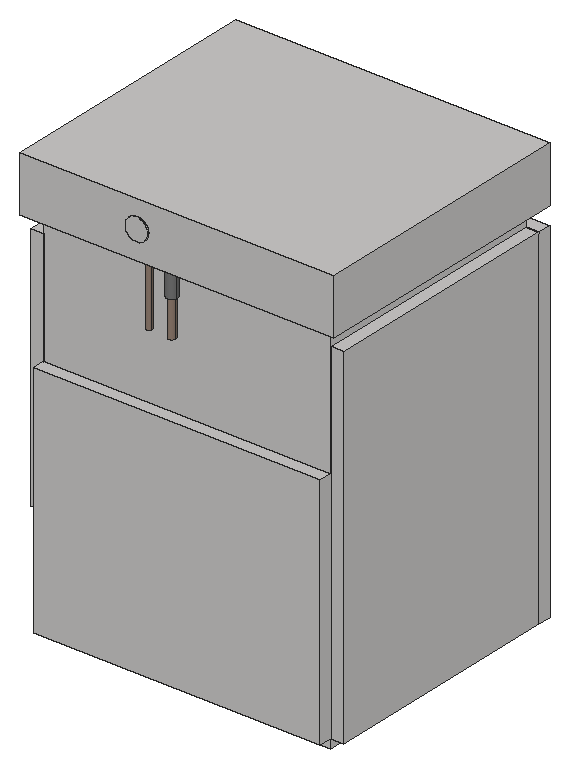
Revit family "QF_Brema_M1500SPLIT_M1500SPLITCO2_cat", category Specialty Equipment, Revit 2012
Parameters (values of type "M1500SPLITCO2")
  Width = 700 mm
  Weight = "144 kg"
  Watts = 180 W
  Volts = 230 V
  URL Cutsheet = ""
  URL = "www.bremaice.it"
  Status [instance] = ""
  Specification by User [instance] = ""
  Specification by Manufacturer [instance] = ""
  Show Logo [instance] = yes
  Show Clearance [instance] = yes
  Serial Number = ""
  Seismic Rating = ""
  SMACNA No = ""
  Revision Code [instance] = ""
  Refrigerant Volume [instance] = 0.00 kN
  Refrigerant Type = "CO2"
  Plumbing Remarks [instance] = ""
  Plumbing Connection Type [instance] = ""
  Phase = 1
  Number of Poles [instance] = 1
  NAFEM Spec ID Number = ""
  Model = "M1500SPLITCO2"
  Min Ckt Ampacity = 0 A
  Max Overcurrent Protection = 10 A
  Manufacturer = "BREMA"
  Item Number [instance] = ""
  Installed By [instance] = ""
  Indirect Waste Size = 1"
  Indirect Waste Radius = Indirect Waste Size / 2  # 1/2"
  Indirect Waste Flow [instance] = 0 m³/h
  Indirect Waste Connection Type [instance] = ""
  Indirect Waste Connection Height = 65 mm
  Identify Quantity as Lot [instance] = no
  Height = 970 mm
  HP = ""
  Furnished By [instance] = ""
  Foodservice Equipment Identifier [instance] = yes
  FL Amps = 0 A
  Electrical Remarks [instance] = ""
  Electric Connection Type [instance] = ""
  Elec Conn RI Height [instance] = 0 mm
  Elec Conn Connection Height = 204 mm
  Description = "AUTOMATIC ICE CUBE MAKER AIR COOLED"
  Depth = 604 mm
  Daily Production [instance] = "1520,0 kg/24h T=21°C:15°C"
  Cycle = 50 Hz
  Conn Plug = ""
  Conn Conduit = yes
  Cold Water Temperature Recommended [instance] = 35 °C
  Cold Water Size Radius = Cold Water Size / 2  # 3/8"
  Cold Water Size = 3/4"
  Cold Water RI Height [instance] = 0 mm
  Cold Water Minimum Pressure = 1.0 bar
  Cold Water Maximum Pressure = 6.0 bar
  Cold Water Flow [instance] = 0 m³/h
  Cold Water Consumption [instance] = "1 l/kg"
  Cold Water Connection Height = 120 mm
  CSI MasterFormat = ""
  BTUH = 0 W
  Assembly Code = "E1090320"
  Apparent Power = 180 VA
Types (3, lengths in mm): name | Refrigerant Type | Model | Daily Production
  (no name) | "CO2" | "M1500SPLITCO2" | "1520,0 kg/24h T=21°C:15°C"
  M1500SPLIT | "R404A" | "M1500SPLIT" | "1500,0 kg/24h T=21°C:15°C"
  M1500SPLITCO2 | "CO2" | "M1500SPLITCO2" | "1520,0 kg/24h T=21°C:15°C"
Reference planes
  plane 1 "BACK": y = 0
  plane 2: z = 0
  plane 3 "LEFT": x = 0
  plane 4 "RIGHT": x = 700
  plane 5 "FRONT": y = -604
  plane 6 "TOP": z = 970
Forms (mm)
  Extrusion 1, solid
    sketch origin (30, -557, 121) x (0, -1, 0) y (0, 0, 1)
      loop
        circle (-76, 83) r 4
    from 4 to 20
  Extrusion 2, solid
    sketch origin (30, -557, 159) x (0, -1, 0) y (0, 0, 1)
      loop
        circle (-76, 45) r 15
    from 0 to 4
  Extrusion 3, solid
    sketch origin (30, -176, 93.5) x (0, -1, 0) y (0, 0, -1)
      loop
        circle (305, -26.5) r 10
    from 0 to -20
  Extrusion 4, solid, visible <- "Show Clearance", detail levels coarse
    sketch origin (0, 0, 0) x (1, 0, 0) y (0, 1, 0)
      loop
        line (0, 50) -> (0, 0) -> (700, 0) -> (700, 50) -> (0, 50)
    from 0 to 970
  Extrusion 5, solid
    sketch origin (30, -221, 38.5) x (0, -1, 0) y (0, 0, -1)
      loop
        circle (305, -26.5) r 12.7
    from 0 to -20
  Extrusion 6, solid
    sketch origin (0, 0, 355) x (0, 1, 0) y (0, 0, 1)
      loop
        line (0, 615) -> (-604, 615) -> (-604, 490) -> (0, 490) -> (0, 615)
    from 0 to 700
  Extrusion 7, solid
    sketch origin (0, 0, 0) x (0, 1, 0) y (0, 0, 1)
      loop
        line (-574, 805) -> (-574, 250) -> (-424, 250) -> (-424, 20) -> (-30, 20) -> (-30, 805) -> (-574, 805)
    from 0 to 30
  Extrusion 8, solid
    sketch origin (700, 0, 0) x (0, 1, 0) y (0, 0, 1)
      loop
        line (-30, 805) -> (-574, 805) -> (-574, 20) -> (-30, 20) -> (-30, 805)
    from 0 to -30
  Extrusion 9, solid
    sketch origin (0, 0, 0) x (1, 0, 0) y (0, 1, 0)
      loop
        line (30, -30) -> (30, -574) -> (670, -574) -> (670, -30) -> (30, -30)
    from 0 to 20
  Extrusion 10, solid
    sketch origin (0, -604, 0) x (1, 0, 0) y (0, 0, 1)
      loop
        line (30, 550) -> (30, 20) -> (670, 20) -> (670, 550) -> (30, 550)
    from 0 to -30
  Extrusion 11, solid
    sketch origin (700, 0, 0) x (0, 1, 0) y (0, 0, 1)
      loop
        line (0, 805) -> (-30, 805) -> (-30, 20) -> (0, 20) -> (0, 805)
    from 0 to -700
  Extrusion 12, solid
    sketch origin (700, -30, 0) x (0, 1, 0) y (0, 0, 1)
      loop
        line (0, 845) -> (-544, 845) -> (-544, 0) -> (0, 0) -> (0, 845)
    from -30 to -670
  Extrusion 13, solid
    sketch origin (-1000, 1005, 815) x (-1, 0, 0) y (0, -1, 0)
      loop
        circle (-1327.334, 1594) r 12
    from -22.85 to 30
  Extrusion 14, solid
    sketch origin (0, 0, 775) x (-1, 0, 0) y (0, -1, 0)
      loop
        circle (-327.334, 589) r 8
    from -65.701 to 70
  Extrusion 15, solid
    sketch origin (-50, 0, 775) x (-1, 0, 0) y (0, -1, 0)
      loop
        circle (-327.334, 589) r 6
    from -65.701 to 70
  Extrusion 16, solid
    sketch origin (-1030, -604, 25) x (1, 0, 0) y (0, 0, 1)
      loop
        circle (1291.809, 884.757) r 25
    from 0 to 2
Lines and regions (mm)
  symbolic lines, style "QF_Clearances", visible <- "Show Clearance", detail levels coarse
    curve 1: line (0, 50, 0) -> (700, 50, 0)
  symbolic lines, style "200-EquipBorder-2D"
    curve 2: line (0, 0, 5) -> (700, 0, 5)
    curve 3: line (0, -604, 5) -> (0, 0, 5)
    curve 4: line (700, -604, 5) -> (0, -604, 5)
    curve 5: line (700, 0, 5) -> (700, -604, 5)
Dimensions and locks
  plane 4 "RIGHT" to plane 3 "LEFT" = 700 mm
  plane 5 "FRONT" to plane 1 "BACK" = 604 mm
  plane 6 "TOP" to plane 2 = 970 mm
  plane 6 "TOP" to level = 970 mm
  aligned and locked: level to plane 2
  aligned and locked: plane 4 "RIGHT" to Extrusion 4
  aligned and locked: plane 6 "TOP" to Extrusion 4
  aligned and locked: plane 4 "RIGHT" to curve 1
  aligned and locked: plane 4 "RIGHT" to Extrusion 6
Connectors
  electrical at (10, -481, 204), driven by "Number of Poles", driven by "Volts", driven by "Apparent Power"
    settings: on Extrusion 1, index 1, voltage 230 V, apparent load 180 VA, apparent load phase1 0 VA, apparent load phase2 0 VA, apparent load phase3 0 VA, power factor 1, load classification "Other", number of poles 1, system type 30, power factor state 1, is connector primary yes, connector utility no, sub classification motor no, connector description "Electrical connection"
  piping at (10, -481, 120), driven by "Cold Water Flow", driven by "Cold Water Size Radius"
    settings: on Extrusion 3, index 3, connector radius 3/8", flow factor 0, pipe flow 0 m³/h, pressure drop 0.0 bar, fitting loss kfactor 0, connector angle 0.00°, fixture units 0, engagement length 0 mm, flow configuration 1, flow direction 1, fitting loss method 0, system type 20, joint type 0, gender type 0, connector reference index -1, connector utility 0, adjustable connector no, is connector primary yes, fitting loss table "", connector description "Cold water inlet"
  piping at (10, -526, 65), driven by "Indirect Waste Flow", driven by "Indirect Waste Radius"
    settings: on Extrusion 5, index 6, connector radius 1/2", flow factor 0, pipe flow 0 m³/h, pressure drop 0.0 bar, fitting loss kfactor 0, connector angle 0.00°, fixture units 0, engagement length 0 mm, flow configuration 1, flow direction 2, fitting loss method 0, system type 16, joint type 0, gender type 0, connector reference index -1, connector utility 0, adjustable connector no, is connector primary no, fitting loss table "", connector description "Water drain"
